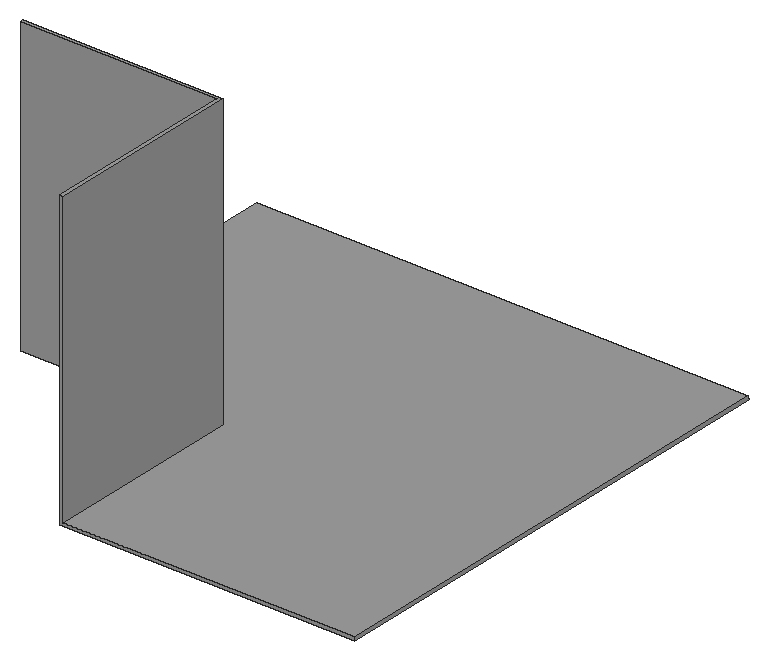
Revit family "Flashing_Preformed_Hyload_Outside90", category Generic Models, Revit 2013
Parameters (values of type "As Specified")
  Unit Width = 0' - 10"
  Unit Height = 0' - 6"
  Unit Depth = 0' - 6"
  URL = "http://www.hyload.com/"
  Thickness = 0' - 0 1/16"
  Specification = "http://www.arcat.com/sdspecs/htm04/07_65_00hyl.htm"
  Sales Information = "http://www.hyload.com/contact-us"
  Revision = "R1_12-2015"
  Product Properties = "http://www.hyload.com/masonry-flashing/preformed-shapes/"
  Product Data = "http://www.arcat.com/arcatcos/cos33/arc33176.html"
  Model = "Outside Corner (90)"
  Manufacturer Website = "http://www.hyload.com/"
  Manufacturer Phone - Toll Free = "800-457-4056"
  Manufacturer Phone = "330-769-3546"
  Manufacturer Fax = "330-769-4153"
  Manufacturer Address = "5020 Panther Pkwy., Seville, OH 44273"
  Manufacturer = "Hyload"
  Keynote = "07 65 00"
  Flashing Material = Hyload Flashing Membrane - Grey
  Drawn By = "Robert S. Weygant / Sumex Design"
  Description = "Preformed Hyload Masonry Flashing - Outside Corner (90)"
  Copyright = "(c) ARCAT, Inc, 2015"
  Construction Details = "http://www.arcat.com/details/hyload/hyload.html?coid=33176"
  Assembly Code = "B3010400"
Reference planes (in)
  plane 1 "Center (Front/Back)": y = 0
  plane 2: z = 0
  plane 3 "Center (Left/Right)": x = 0
  plane 4: y = 6
  plane 5: x = 6
  plane 6: z = 6
  plane 7: y = -4
  plane 8: x = -4
Forms (in)
  Sweep 1, solid, material "Hyload Flashing Membrane - Grey" <- "Flashing Material"
    path origin (0, 0, 0) x (1, 0, 0) y (0, 1, 0)
      loop
        line (0, -4) -> (0, 0) -> (-4, 0)
    profile origin (0, -2, 0) x (-1, 0, 0) y (0, 0, 1)
      loop
        line (0, 0) -> (0, 6) -> (-0.0625, 6) -> (-0.0625, 0.0625) -> (-6, 0.0625) -> (-6, 0) -> (0, 0)
Dimensions and locks (in)
  "Unit Depth": plane 1 "Center (Front/Back)" to plane 4
  "Unit Depth": plane 3 "Center (Left/Right)" to plane 5
  "Thickness": Sweep 1 sketch curve to plane 3 "Center (Left/Right)"
  "Thickness": Sweep 1 sketch curve to level
  "Unit Height": plane 6 to level
  "Unit Width": plane 8 to plane 5
  "Unit Width": plane 4 to plane 7
  aligned and locked: plane 2 to level
  aligned and locked: Sweep 1 sketch curve to plane 1 "Center (Front/Back)"
  aligned and locked: plane 3 "Center (Left/Right)" to Sweep 1 sketch curve
  aligned and locked: Sweep 1 sketch curve to level
  aligned and locked: plane 6 to Sweep 1 sketch curve
  aligned and locked: plane 8 to Sweep 1 sketch curve
  aligned and locked: plane 7 to Sweep 1 sketch curve
Automatic sketch dimensions
  Sweep 1 sketch curve to profile plane = 0' - 0"
  Sweep 1 sketch curve to Sweep 1 sketch curve = 0' - 5 15/16"
